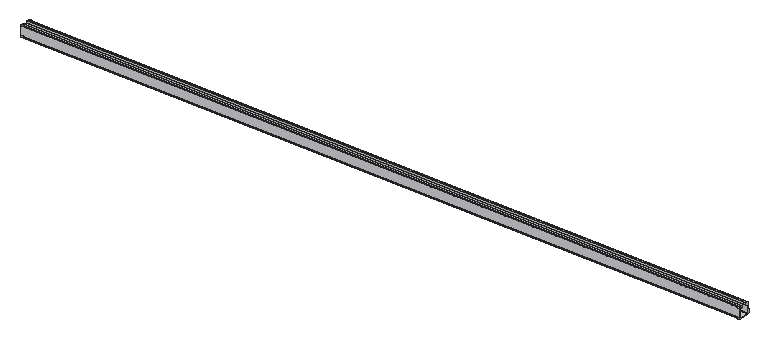
Revit family "Montageschiene 45- 45-2,5  3m fsv Langloch 2D", category HLS-Bauteile, Revit 2023
Family settings
  Bemaßung runder Anschluss = Durchmesser verwenden
  Teiletyp = Normal
  Arbeitsebenenbasiert = Ja
  Immer vertikal = Nein
  Beim Laden mit Abzugskörper schneiden = Nein
  Beschriftungsausrichtung beibehalten = Nein
  Gemeinsam genutzt = Ja
  Raumberechnungspunkt = Nein
Parameters (values of type "C-Profil 45- 45-2,5  L=3000 fsv")
  vpe = "30"
  Widerstandsmoment Wz = "5.64 cm³"
  Widerstandsmoment Wy = "3.80 cm³"
  Default Elevation = 1219.2 mm
  Trägheitsradius iz = "1.90 cm"
  Trägheitsradius iy = "1.58 cm"
  Torsionswiderstandsmoment Wt = " cm³"
  Stärke = 2.5 mm
  Streckgrenze = "250 N/mm²"
  Schwerpunktabstand ez = "2.25 cm"
  Schwerpunktabstand eu = "2.31 cm"
  Schwerpunktabstand eo = "2.19 cm"
  Schlitzbreite = "22 mm"
  Regelhalter [instance] = ""
  Profiltyp = "45/45"
  Profil = "C-Profil"
  Oberflaeche = "feuerstückverzinkt"
  Montagelänge [instance] = 3000 mm
  Mengeneinheit = "m"
  Materialname = "S235"
  Material = "Stahl"
  Länge = 3000 mm
  Lochdurchmesser = "14.00 mm"
  Langloch = "14.0 x 45.0 mm"
  Kurztext2 = "45 / 45 / 2,5 mm L= 3 m fsv"
  Kurztext1 = "Montageschiene C-Profil"
  Höhe = "45 mm"
  Gewicht pro Stück [instance] = (Gewicht * Montagelänge / (1000 mm * 1000 mm)) * 1000 mm  # 9.63 kg
  Gewicht pro Bauteil [instance] = Gewicht pro Stück  # 9.63 kg
  Gewicht = 3.21 kg
  Gesamtlänge [instance] = Montagelänge  # 3000 mm
  Gesamtgewicht [instance] = Gewicht pro Bauteil  # 9.63 kg
  Fläche (schwächster Profilquerschnitt) = 0.000353 m²
  Firma = "MEFA Befestigungs- und Montagesysteme GmbH"
  Fabrikat = "MEFA"
  Erweiterung Langloch = "18.0 mm"
  EAN = "4250928448064"
  Bund = "180 m"
  Breite = 45 mm
  Artikelnummer = "0820453252"
  Anzahl Langloch [instance] = Montagelänge / 105 mm  # 29
  Abmessung = "45/45/2.5 mm"
Reference planes
  plane 1 "Mitte (Vorne/hinten)": y = 0
  plane 2: z = 0
  plane 3 "Mitte (Links/rechts)": x = 0
  plane 4: x = 3000
Forms (mm)
  Extrusion 1, solid, detail levels fine
    sketch origin (0, 0, 0) x (0, 1, 0) y (0, 0, 1)
      loop
        arc (19, 0) -> (21.475, 1.025) -> (22.5, 3.5) r 3.5
        line (22.5, 3.5) -> (22.5, 42)
        arc (22.5, 42) -> (21.621, 44.121) -> (19.5, 45) r 3
        line (19.5, 45) -> (12, 45)
        arc (12, 45) -> (11.293, 44.707) -> (11, 44) r 1
        line (11, 44) -> (11, 37.5) -> (13.5, 37.5) -> (13.5, 42.5) -> (19.5, 42.5)
        arc (19.5, 42.5) -> (19.854, 42.354) -> (20, 42) r 0.5
        line (20, 42) -> (20, 3.5)
        arc (20, 3.5) -> (19.707, 2.793) -> (19, 2.5) r 1
        line (19, 2.5) -> (-19, 2.5)
        arc (-19, 2.5) -> (-19.707, 2.793) -> (-20, 3.5) r 1
        line (-20, 3.5) -> (-20, 42)
        arc (-20, 42) -> (-19.854, 42.354) -> (-19.5, 42.5) r 0.5
        line (-19.5, 42.5) -> (-13.5, 42.5) -> (-13.5, 37.5) -> (-11, 37.5) -> (-11, 44)
        arc (-11, 44) -> (-11.293, 44.707) -> (-12, 45) r 1
        line (-12, 45) -> (-19.5, 45)
        arc (-19.5, 45) -> (-21.621, 44.121) -> (-22.5, 42) r 3
        line (-22.5, 42) -> (-22.5, 3.5)
        arc (-22.5, 3.5) -> (-21.475, 1.025) -> (-19, 0) r 3.5
        line (-19, 0) -> (19, 0)
    from 0 to 3000
  Extrusion 2, solid, detail levels medium
    sketch origin (0, 0, 0) x (0, 1, 0) y (0, 0, 1)
      loop
        line (22.5, 0) -> (22.5, 45) -> (11, 45) -> (11, 37.5) -> (13.5, 37.5) -> (13.5, 42.5) -> (20, 42.5) -> (20, 2.5) -> (-20, 2.5) -> (-20, 42.5) -> (-13.5, 42.5) -> (-13.5, 37.5) -> (-11, 37.5) -> (-11, 45) -> (-22.5, 45) -> (-22.5, 0) -> (22.5, 0)
    from 0 to 3000
  Extrusion 3, solid, detail levels coarse
    sketch origin (0, 0, 0) x (0, 1, 0) y (0, 0, 1)
      loop
        line (22.5, 0) -> (22.5, 45) -> (-22.5, 45) -> (-22.5, 0) -> (22.5, 0)
    from 0 to 3000
Dimensions and locks
  "Montagelänge": plane 4 to plane 3 "Mitte (Links/rechts)"
  equal spacing: group 1, group 2, group 3, group 4, group 5, group 6, group 7, group 8, group 9, group 10, group 11, group 12, group 13, group 14, group 15, group 16, group 17, group 18, group 19, group 20, group 21, group 22, group 23, group 24, group 25, group 26, group 27, group 28, group 29  (x3)
  aligned and locked: level to plane 2
  aligned and locked: plane 4 to Extrusion 1
  aligned and locked: Extrusion 1 to plane 4
  aligned and locked: plane 4 to Extrusion 2
  aligned and locked: plane 4 to Extrusion 3
  aligned and locked: Extrusion 1 to plane 3 "Mitte (Links/rechts)"
  aligned and locked: Extrusion 2 to plane 3 "Mitte (Links/rechts)"
  aligned and locked: Extrusion 3 to plane 3 "Mitte (Links/rechts)"
  aligned and locked: nested 1 to plane 1 "Mitte (Vorne/hinten)"
Automatic sketch dimensions
  Extrusion 1 sketch curve to Extrusion 1 sketch curve = 0 mm  (x9)
  Extrusion 1 sketch curve to level = 0 mm
  level to Extrusion 1 sketch curve = 3.5 mm  (x2)
  plane 1 "Mitte (Vorne/hinten)" to Extrusion 1 sketch curve = 22.5 mm
  Extrusion 1 sketch curve to Extrusion 1 sketch curve = 2.5 mm  (x2)
  Extrusion 1 sketch curve to Extrusion 1 sketch curve = 0.5 mm  (x2)
  Extrusion 1 sketch curve to Extrusion 1 sketch curve = 6 mm
  Extrusion 1 sketch curve to Extrusion 1 sketch curve = 1.5 mm  (x2)
  Extrusion 1 sketch curve to plane 1 "Mitte (Vorne/hinten)" = 11 mm
  Extrusion 1 sketch curve to Extrusion 1 sketch curve = 1 mm
  Extrusion 1 sketch curve to plane 1 "Mitte (Vorne/hinten)" = 19 mm
  Extrusion 1 sketch curve to Extrusion 1 sketch curve = 34 mm
  Extrusion 1 sketch curve to Extrusion 1 sketch curve = 4.5 mm  (x2)
  level to Extrusion 2 sketch curve = 0 mm
  plane 1 "Mitte (Vorne/hinten)" to Extrusion 2 sketch curve = 22.5 mm
  Extrusion 2 sketch curve to Extrusion 2 sketch curve = 2.5 mm  (x7)
  Extrusion 2 sketch curve to plane 1 "Mitte (Vorne/hinten)" = 11 mm
  Extrusion 2 sketch curve to Extrusion 2 sketch curve = 0 mm
  Extrusion 2 sketch curve to Extrusion 2 sketch curve = 5 mm  (x2)
  Extrusion 2 sketch curve to Extrusion 2 sketch curve = 6.5 mm  (x2)
  Extrusion 2 sketch curve to Extrusion 2 sketch curve = 37.5 mm
  Extrusion 3 sketch curve to level = 0 mm
  plane 1 "Mitte (Vorne/hinten)" to Extrusion 3 sketch curve = 22.5 mm
  Extrusion 3 sketch curve to plane 1 "Mitte (Vorne/hinten)" = 22.5 mm
  level to Extrusion 3 sketch curve = 45 mm
Nested families
  nested 1: "Langloch 14 x 45 18 2D" at (52.498, 0, 0) x (1, 0, 0) z (0, 0, -1), type "Langloch 14 x 45 18 2D", detail levels fine
  nested 2: "Langloch 14 x 45 18 2D" at (157.498, 0, 0) x (1, 0, 0) z (0, 0, -1), type "Langloch 14 x 45 18 2D", detail levels fine
  nested 3: "Langloch 14 x 45 18 2D" at (262.498, 0, 0) x (1, 0, 0) z (0, 0, -1), type "Langloch 14 x 45 18 2D", detail levels fine
  nested 4: "Langloch 14 x 45 18 2D" at (367.498, 0, 0) x (1, 0, 0) z (0, 0, -1), type "Langloch 14 x 45 18 2D", detail levels fine
  nested 5: "Langloch 14 x 45 18 2D" at (472.498, 0, 0) x (1, 0, 0) z (0, 0, -1), type "Langloch 14 x 45 18 2D", detail levels fine
  nested 6: "Langloch 14 x 45 18 2D" at (577.498, 0, 0) x (1, 0, 0) z (0, 0, -1), type "Langloch 14 x 45 18 2D", detail levels fine
  nested 7: "Langloch 14 x 45 18 2D" at (682.498, 0, 0) x (1, 0, 0) z (0, 0, -1), type "Langloch 14 x 45 18 2D", detail levels fine
  nested 8: "Langloch 14 x 45 18 2D" at (787.498, 0, 0) x (1, 0, 0) z (0, 0, -1), type "Langloch 14 x 45 18 2D", detail levels fine
  nested 9: "Langloch 14 x 45 18 2D" at (892.498, 0, 0) x (1, 0, 0) z (0, 0, -1), type "Langloch 14 x 45 18 2D", detail levels fine
  nested 10: "Langloch 14 x 45 18 2D" at (997.498, 0, 0) x (1, 0, 0) z (0, 0, -1), type "Langloch 14 x 45 18 2D", detail levels fine
  nested 11: "Langloch 14 x 45 18 2D" at (1102.498, 0, 0) x (1, 0, 0) z (0, 0, -1), type "Langloch 14 x 45 18 2D", detail levels fine
  nested 12: "Langloch 14 x 45 18 2D" at (1207.498, 0, 0) x (1, 0, 0) z (0, 0, -1), type "Langloch 14 x 45 18 2D", detail levels fine
  nested 13: "Langloch 14 x 45 18 2D" at (1312.498, 0, 0) x (1, 0, 0) z (0, 0, -1), type "Langloch 14 x 45 18 2D", detail levels fine
  nested 14: "Langloch 14 x 45 18 2D" at (1417.498, 0, 0) x (1, 0, 0) z (0, 0, -1), type "Langloch 14 x 45 18 2D", detail levels fine
  nested 15: "Langloch 14 x 45 18 2D" at (1522.498, 0, 0) x (1, 0, 0) z (0, 0, -1), type "Langloch 14 x 45 18 2D", detail levels fine
  nested 16: "Langloch 14 x 45 18 2D" at (1627.498, 0, 0) x (1, 0, 0) z (0, 0, -1), type "Langloch 14 x 45 18 2D", detail levels fine
  nested 17: "Langloch 14 x 45 18 2D" at (1732.498, 0, 0) x (1, 0, 0) z (0, 0, -1), type "Langloch 14 x 45 18 2D", detail levels fine
  nested 18: "Langloch 14 x 45 18 2D" at (1837.498, 0, 0) x (1, 0, 0) z (0, 0, -1), type "Langloch 14 x 45 18 2D", detail levels fine
  nested 19: "Langloch 14 x 45 18 2D" at (1942.498, 0, 0) x (1, 0, 0) z (0, 0, -1), type "Langloch 14 x 45 18 2D", detail levels fine
  nested 20: "Langloch 14 x 45 18 2D" at (2047.498, 0, 0) x (1, 0, 0) z (0, 0, -1), type "Langloch 14 x 45 18 2D", detail levels fine
  nested 21: "Langloch 14 x 45 18 2D" at (2152.498, 0, 0) x (1, 0, 0) z (0, 0, -1), type "Langloch 14 x 45 18 2D", detail levels fine
  nested 22: "Langloch 14 x 45 18 2D" at (2257.498, 0, 0) x (1, 0, 0) z (0, 0, -1), type "Langloch 14 x 45 18 2D", detail levels fine
  nested 23: "Langloch 14 x 45 18 2D" at (2362.498, 0, 0) x (1, 0, 0) z (0, 0, -1), type "Langloch 14 x 45 18 2D", detail levels fine
  nested 24: "Langloch 14 x 45 18 2D" at (2467.498, 0, 0) x (1, 0, 0) z (0, 0, -1), type "Langloch 14 x 45 18 2D", detail levels fine
  nested 25: "Langloch 14 x 45 18 2D" at (2572.498, 0, 0) x (1, 0, 0) z (0, 0, -1), type "Langloch 14 x 45 18 2D", detail levels fine
  nested 26: "Langloch 14 x 45 18 2D" at (2677.498, 0, 0) x (1, 0, 0) z (0, 0, -1), type "Langloch 14 x 45 18 2D", detail levels fine
  nested 27: "Langloch 14 x 45 18 2D" at (2782.498, 0, 0) x (1, 0, 0) z (0, 0, -1), type "Langloch 14 x 45 18 2D", detail levels fine
  nested 28: "Langloch 14 x 45 18 2D" at (2887.498, 0, 0) x (1, 0, 0) z (0, 0, -1), type "Langloch 14 x 45 18 2D", detail levels fine
  nested 29: "Langloch 14 x 45 18 2D" at (2992.498, 0, 0) x (1, 0, 0) z (0, 0, -1), type "Langloch 14 x 45 18 2D", detail levels fine
Definition of nested family "Langloch 14 x 45 18 2D"
  Parameters (values of type "Langloch 14 x 45 18 2D")
    Default Elevation = 1219.2 mm
  Reference planes
    plane 1 "Mitte (Vorne/hinten)": y = 0
    plane 2: z = 0
    plane 3 "Mitte (Links/rechts)": x = 0
  Forms (mm)
    Extrusion 1, solid
      sketch origin (0, 0, 0) x (1, 0, 0) y (0, 1, 0)
        loop
          line (-1219.2, 1219.2) -> (-1219.2, -1219.2) -> (1219.2, -1219.2) -> (1219.2, 1219.2) -> (-1219.2, 1219.2)
      from 0 to -304.8
  Lines and regions (mm)
    model lines
      curve 1: line (-15.498, 7, 0) -> (-5.645, 7, 0)
      curve 2: line (-15.498, -7, 0) -> (-5.645, -7, 0)
      curve 3: arc (15.692, 6.997, 0) -> (22.502, 0, 0) -> (15.692, -6.997, 0) r 7
      curve 6: arc (-15.498, 7, 0) -> (-22.498, 0, 0) -> (-15.498, -7, 0) r 7
      curve 7: line (-15.692, 7.5, 0) -> (-15.692, -7.5, 0)
      curve 8: line (-24.531, 0, 0) -> (24.555, 0, 0)
      curve 9: circle (52.502, 0, 0) r 9 normal (0, 0, 1)
      curve 10: line (52.502, 11, 0) -> (52.502, -11, 0)
      curve 12: line (42.937, 0, 0) -> (62.034, 0, 0)
      curve 13: arc (5.672, 6.997, 0) -> (0.014, 9, 0) -> (-5.645, 7, 0) r 9
      curve 14: line (15.692, 6.997, 0) -> (5.672, 6.997, 0)
      curve 15: line (15.692, -6.997, 0) -> (5.672, -6.997, 0)
      curve 16: arc (5.672, -6.997, 0) -> (0.014, -9, 0) -> (-5.645, -7, 0) r 9
      curve 17: line (0, 11, 0) -> (0, -11, 0)
      curve 19: line (15, 7.5, 0) -> (15, -7.5, 0)
    model lines, detail levels fine
      curve 4: line (-15.692, 0, 10) -> (-15.692, 0, -10)
      curve 5: line (15.692, 0, 10) -> (15.692, 0, -10)
      curve 11: line (52.502, 0, 10) -> (52.502, 0, -10)
      curve 18: line (0.014, 0, 10) -> (0.014, 0, -10)
  Dimensions and locks
    aligned and locked: plane 2 to Extrusion 1
    aligned and locked: level to Extrusion 1
    aligned and locked: curve 17 to plane 3 "Mitte (Links/rechts)"
